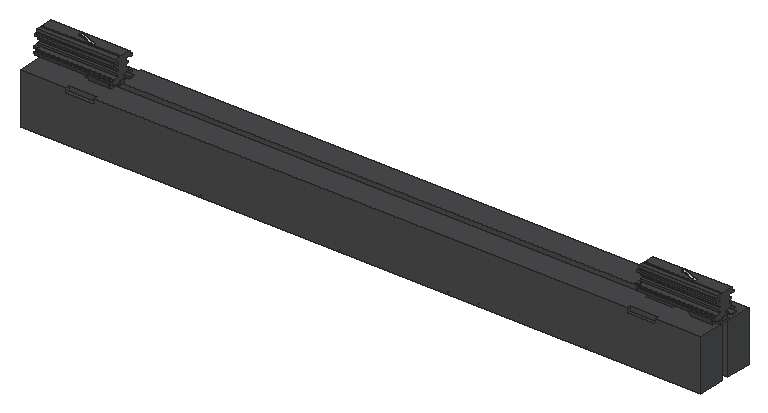
Revit family "DOT DOUBLE HEAD RAIL 964_DTM60U9.7_W9.7_N9.7", category Luminarias, Revit 2019
Family settings
  Cota de conector redondo = Diámetro de uso
  Tipo de pieza = Normal
  Se basa en plano de trabajo = Sí
  Siempre vertical = Sí
  Corte con vacíos al cargar = No
  Origen de luz = Sí
  Compartido = No
  Punto de cálculo de habitación = No
Parameters (values of type "DOT DOUBLE HEAD RAIL 964_DTM60W9.7.36")
  Ángulo de inclinación = 60.00°
  Ángulo de enfoque = 36.00°
  Ángulo de campo de foco = 36.00°
  Zone [instance] = ""
  Watt per fixture = 80
  Wattage = 80 W
  built-in parameter 1150107 = 3000 (stored number, unit not read)
  built-in parameter 1150110 = 1 (stored number, unit not read)
  built-in parameter 1150109 = 1 (stored number, unit not read)
  built-in parameter 1150112 = 1 (stored number, unit not read)
  built-in parameter 1150113 = 1 (stored number, unit not read)
  built-in parameter 1114218 = 1 (stored number, unit not read)
  Keynote = ""
  built-in parameter 1150137 = (empty or 0)
  built-in parameter 1150132 = (empty or 0)
  Modelo = "DTM60W9.7.36"
  Lámpara = "3030SMD PHILIPS"
  Light Source Symbol Length = 3048 mm
  built-in parameter 1150105 = 130686.8 (stored number, unit not read)
  built-in parameter 1150102 = (empty or 0)
  built-in parameter 1150106 = 1306.9 (stored number, unit not read)
  Lumens = 12960 lm
  Color Filter = 16777215
  built-in parameter 1114217 = 1 (stored number, unit not read)
  built-in parameter 1150139 = (empty or 0)
  Fabricante = "BRILLANT"
  Default Elevation = 1219.2 mm
  built-in parameter 1150104 = 15.05 (stored number, unit not read)
  Descripción = "LUMINARIA DE DOBLE CABEZAL TIPO DOWNLIGHT EN FORMATO RECTANGULAR COMPATIBLE CON RIEL DE 6 ENTRADAS Y 3 CIRCUITOS CON CABEZAL PARA PODER DIRIGIR LA LUMINARIA HASTA 90 GRADOS, CUERPO DE ALUMINIO ACABADO EN COLOR NEGRO, IP 20, PESO 4.16Kg, TIPO DE LED 3030SMD PHILIPS CON 80W TOTAL, 6300 LUMENES, 162LM/W, IRC 90, TEMPERATURA EN BLANCO CALIDO 3000K, 50 MIL HORAS DE VIDA PROMEDIO, APERTURA DE 36 GRADOS POR PROYECTO, ALIMENTADO A 90-240V"
  built-in parameter 1150115 = 1 (stored number, unit not read)
  built-in parameter 1150114 = 1 (stored number, unit not read)
  Comentarios de vataje = "90-240V"
  built-in parameter 1150138 = (empty or 0)
  built-in parameter 1150134 = (empty or 0)
  Circuit [instance] = ""
  Dimming Lamp Color Temperature Shift = (empty or 0)
  Longitud de símbolo de origen de luz = 3048 mm
Reference planes
  plane 1 "Centro (Frontal/Posterior)": y = 0
  plane 2: z = 0
  plane 3 "Centro (Izquierda/Derecha)": x = 0
Forms (mm)
  Extrusion 1, solid, material "Default Form", not visible
    sketch origin (-55.628, 0, 7.5) x (0, 1, 0) y (0, 0, 1)
      loop
        line (-7.273, 1.74) -> (7.273, 1.74) -> (7.273, 0) -> (15.231, 0) -> (17.006, 4.494) -> (15.021, 4.494) -> (14.058, 5.868) -> (14.058, 7.166) -> (6.473, 7.166) -> (6.473, 9.324) -> (10.169, 10.163) -> (10.169, 12.464) -> (6.473, 13.302) -> (6.473, 16.66) -> (10.169, 17.499) -> (10.169, 19.8) -> (6.473, 20.638) -> (6.473, 25.016) -> (13.839, 25.016) -> (14.514, 24.341) -> (15.775, 24.341) -> (15.775, 27.171) -> (14.73, 27.171) -> (14.058, 26.499) -> (6.473, 26.499) -> (6.473, 27.299) -> (12.377, 27.299) -> (12.377, 31.471) -> (-2.744, 31.471) -> (-2.744, 30.671) -> (-5.514, 30.671) -> (-5.514, 31.471) -> (-12.377, 31.471) -> (-12.377, 27.299) -> (-6.473, 27.299) -> (-6.473, 26.499) -> (-14.058, 26.499) -> (-14.73, 27.171) -> (-15.775, 27.171) -> (-15.775, 24.341) -> (-14.514, 24.341) -> (-13.839, 25.016) -> (-6.473, 25.016) -> (-6.473, 20.638) -> (-10.169, 19.8) -> (-10.169, 17.499) -> (-6.473, 16.66) -> (-6.473, 13.302) -> (-10.169, 12.464) -> (-10.169, 10.163) -> (-6.473, 9.324) -> (-6.473, 7.166) -> (-14.058, 7.166) -> (-14.058, 5.868) -> (-15.021, 4.494) -> (-17.006, 4.494) -> (-15.231, 0) -> (-7.273, 0) -> (-7.273, 1.74)
    from 0 to 111.256
  Extrusion 2, solid, material "Default Form", not visible
    sketch origin (0, 0, 0) x (1, 0, 0) y (0, 1, 0)
      loop
        line (-19.12, 6.873) -> (-19.12, -6.873) -> (19.12, -6.873) -> (19.12, 6.873) -> (-19.12, 6.873)
    from 0 to 2.67
  Extrusion 3, solid, material "Default Form", not visible
    sketch origin (0, 0, 0) x (1, 0, 0) y (0, 1, 0)
      loop
        line (-10.93, 3.188) -> (-10.93, -3.188) -> (10.93, -3.188) -> (10.93, 3.188) -> (-10.93, 3.188)
    from 2.67 to 7.5
  Extrusion 4, solid, material "Acero Inoxidable", not visible
    sketch origin (0, -1.594, 0) x (1, 0, 0) y (0, 0, -1)
      loop
        line (-15, -38.971) -> (3.794, -45.811) -> (4.341, -44.308) -> (3.589, -44.034) -> (3.316, -44.786) -> (-12.661, -38.971) -> (-15, -38.971)
    from 0 to 3.188
  Extrusion 5, solid, material "Default Form", not visible
    sketch origin (-55.628, 0, 7.5) x (0, 1, 0) y (0, 0, 1)
      loop
        line (-7.273, 1.74) -> (7.273, 1.74) -> (7.273, 0) -> (15.231, 0) -> (17.006, 4.494) -> (15.021, 4.494) -> (14.058, 5.868) -> (14.058, 7.166) -> (6.473, 7.166) -> (6.473, 9.324) -> (10.169, 10.163) -> (10.169, 12.464) -> (6.473, 13.302) -> (6.473, 16.66) -> (10.169, 17.499) -> (10.169, 19.8) -> (6.473, 20.638) -> (6.473, 25.016) -> (13.839, 25.016) -> (14.514, 24.341) -> (15.775, 24.341) -> (15.775, 27.171) -> (14.73, 27.171) -> (14.058, 26.499) -> (6.473, 26.499) -> (6.473, 27.299) -> (12.377, 27.299) -> (12.377, 31.471) -> (-2.744, 31.471) -> (-2.744, 30.671) -> (-5.514, 30.671) -> (-5.514, 31.471) -> (-12.377, 31.471) -> (-12.377, 27.299) -> (-6.473, 27.299) -> (-6.473, 26.499) -> (-14.058, 26.499) -> (-14.73, 27.171) -> (-15.775, 27.171) -> (-15.775, 24.341) -> (-14.514, 24.341) -> (-13.839, 25.016) -> (-6.473, 25.016) -> (-6.473, 20.638) -> (-10.169, 19.8) -> (-10.169, 17.499) -> (-6.473, 16.66) -> (-6.473, 13.302) -> (-10.169, 12.464) -> (-10.169, 10.163) -> (-6.473, 9.324) -> (-6.473, 7.166) -> (-14.058, 7.166) -> (-14.058, 5.868) -> (-15.021, 4.494) -> (-17.006, 4.494) -> (-15.231, 0) -> (-7.273, 0) -> (-7.273, 1.74)
    from 0 to 111.256
  Extrusion 6, solid, material "Default Form", not visible
    sketch origin (0, 0, 0) x (1, 0, 0) y (0, 1, 0)
      loop
        line (-19.12, 6.873) -> (-19.12, -6.873) -> (19.12, -6.873) -> (19.12, 6.873) -> (-19.12, 6.873)
    from 0 to 2.67
  Extrusion 7, solid, material "Default Form", not visible
    sketch origin (0, 0, 0) x (1, 0, 0) y (0, 1, 0)
      loop
        line (-10.93, 3.188) -> (-10.93, -3.188) -> (10.93, -3.188) -> (10.93, 3.188) -> (-10.93, 3.188)
    from 2.67 to 7.5
  Extrusion 8, solid, material "Acero Inoxidable", not visible
    sketch origin (0, -1.594, 0) x (1, 0, 0) y (0, 0, -1)
      loop
        line (-15, -38.971) -> (3.794, -45.811) -> (4.341, -44.308) -> (3.589, -44.034) -> (3.316, -44.786) -> (-12.661, -38.971) -> (-15, -38.971)
    from 0 to 3.188
  Extrusion 9, solid, material "Default Form", not visible
    sketch origin (0, 0, 0) x (1, 0, 0) y (0, 1, 0)
      loop
        line (-55.628, 6.473) -> (-66.331, 6.473) -> (-66.331, 0) -> (-55.628, 0) -> (-55.628, 6.473)
      loop
        line (55.628, 12.377) -> (55.628, -12.149) -> (60.628, -12.149) -> (60.628, 12.377) -> (55.628, 12.377)
    from 13.368 to 15
  Extrusion 10, solid, material "Default Form"
    sketch origin (482, 0, 7.5) x (0, 1, 0) y (0, 0, -1)
      loop
        line (-7.273, -1.74) -> (-7.273, 0) -> (-15.231, 0) -> (-17.006, -4.494) -> (-15.021, -4.494) -> (-14.058, -5.868) -> (-14.058, -7.166) -> (-6.473, -7.166) -> (-6.473, -9.324) -> (-10.169, -10.163) -> (-10.169, -12.464) -> (-6.473, -13.302) -> (-6.473, -16.66) -> (-10.169, -17.499) -> (-10.169, -19.8) -> (-6.473, -20.638) -> (-6.473, -25.016) -> (-13.839, -25.016) -> (-14.514, -24.341) -> (-15.775, -24.341) -> (-15.775, -27.171) -> (-14.73, -27.171) -> (-14.058, -26.499) -> (-6.473, -26.499) -> (-6.473, -27.299) -> (-12.377, -27.299) -> (-12.377, -31.471) -> (-5.514, -31.471) -> (-5.514, -30.671) -> (-2.744, -30.671) -> (-2.744, -31.471) -> (12.377, -31.471) -> (12.377, -27.299) -> (6.473, -27.299) -> (6.473, -26.499) -> (14.058, -26.499) -> (14.73, -27.171) -> (15.775, -27.171) -> (15.775, -24.341) -> (14.514, -24.341) -> (13.839, -25.016) -> (6.473, -25.016) -> (6.473, -20.638) -> (10.169, -19.8) -> (10.169, -17.499) -> (6.473, -16.66) -> (6.473, -13.302) -> (10.169, -12.464) -> (10.169, -10.163) -> (6.473, -9.324) -> (6.473, -7.166) -> (14.058, -7.166) -> (14.058, -5.868) -> (15.021, -4.494) -> (17.006, -4.494) -> (15.231, 0) -> (7.273, 0) -> (7.273, -1.74) -> (-7.273, -1.74)
    from 0 to 111.256
  Extrusion 11, solid, material "Default Form"
    sketch origin (462.88, 0, 0) x (-1, 0, 0) y (0, -1, 0)
      loop
        line (-19.12, -6.873) -> (19.12, -6.873) -> (19.12, 6.873) -> (-19.12, 6.873) -> (-19.12, -6.873)
    from 0 to 2.67
  Extrusion 12, solid, material "Default Form"
    sketch origin (462.88, 0, 0) x (-1, 0, 0) y (0, -1, 0)
      loop
        line (-19.12, -3.188) -> (-12.506, -3.188) -> (-12.506, 3.188) -> (-19.12, 3.188) -> (-19.12, -3.188)
    from 2.67 to 7.5
  Extrusion 13, solid, material "Acero Inoxidable"
    sketch origin (426.372, -1.594, 0) x (-1, 0, 0) y (0, 0, 1)
      loop
        line (-15, 38.971) -> (-12.661, 38.971) -> (3.316, 44.786) -> (3.589, 44.034) -> (4.341, 44.308) -> (3.794, 45.811) -> (-15, 38.971)
    from 0 to 3.188
  Extrusion 14, solid, material "Default Form"
    sketch origin (426.372, 0, 0) x (-1, 0, 0) y (0, -1, 0)
      loop
        line (-55.628, -6.473) -> (-55.628, 0) -> (-66.331, 0) -> (-66.331, -6.473) -> (-55.628, -6.473)
      loop
        line (55.628, -12.377) -> (60.628, -12.377) -> (60.628, 12.149) -> (55.628, 12.149) -> (55.628, -12.377)
    from 13.368 to 15
  Extrusion 15, solid, material "Default Form"
    sketch origin (0, -23.326, 0) x (1, 0, 0) y (0, 0, 1)
      loop
        line (-482, 0) -> (-482, -72) -> (482, -72) -> (482, 0) -> (-482, 0)
    from -18.326 to 18.326
  Blend 16, void
    base sketch origin (0, -23.326, 0) x (1, 0, 0) y (0, 1, 0)
      loop
        line (-162, 16.149) -> (-162, -16.149) -> (-144.14, -16.149) -> (-144.14, 16.149) -> (-162, 16.149)
    top sketch origin (0, -23.326, 0) x (1, 0, 0) y (0, 1, 0)
      loop
        line (-160, 12.149) -> (-160, -12.149) -> (-146.14, -12.149) -> (-146.14, 12.149) -> (-160, 12.149)
    from -72 to -61.591
  Blend 17, void
    base sketch origin (21.86, -23.326, 0) x (1, 0, 0) y (0, 1, 0)
      loop
        line (-162, 16.149) -> (-162, -16.149) -> (-144.14, -16.149) -> (-144.14, 16.149) -> (-162, 16.149)
    top sketch origin (21.86, -23.326, 0) x (1, 0, 0) y (0, 1, 0)
      loop
        line (-160, 12.149) -> (-160, -12.149) -> (-146.14, -12.149) -> (-146.14, 12.149) -> (-160, 12.149)
    from -72 to -61.591
  Blend 18, void
    base sketch origin (43.72, -23.326, 0) x (1, 0, 0) y (0, 1, 0)
      loop
        line (-162, 16.149) -> (-162, -16.149) -> (-144.14, -16.149) -> (-144.14, 16.149) -> (-162, 16.149)
    top sketch origin (43.72, -23.326, 0) x (1, 0, 0) y (0, 1, 0)
      loop
        line (-160, 12.149) -> (-160, -12.149) -> (-146.14, -12.149) -> (-146.14, 12.149) -> (-160, 12.149)
    from -72 to -61.591
  Blend 19, void
    base sketch origin (65.58, -23.326, 0) x (1, 0, 0) y (0, 1, 0)
      loop
        line (-162, 16.149) -> (-162, -16.149) -> (-144.14, -16.149) -> (-144.14, 16.149) -> (-162, 16.149)
    top sketch origin (65.58, -23.326, 0) x (1, 0, 0) y (0, 1, 0)
      loop
        line (-160, 12.149) -> (-160, -12.149) -> (-146.14, -12.149) -> (-146.14, 12.149) -> (-160, 12.149)
    from -72 to -61.591
  Blend 20, void
    base sketch origin (87.44, -23.326, 0) x (1, 0, 0) y (0, 1, 0)
      loop
        line (-162, 16.149) -> (-162, -16.149) -> (-144.14, -16.149) -> (-144.14, 16.149) -> (-162, 16.149)
    top sketch origin (87.44, -23.326, 0) x (1, 0, 0) y (0, 1, 0)
      loop
        line (-160, 12.149) -> (-160, -12.149) -> (-146.14, -12.149) -> (-146.14, 12.149) -> (-160, 12.149)
    from -72 to -61.591
  Blend 21, void
    base sketch origin (109.3, -23.326, 0) x (1, 0, 0) y (0, 1, 0)
      loop
        line (-162, 16.149) -> (-162, -16.149) -> (-144.14, -16.149) -> (-144.14, 16.149) -> (-162, 16.149)
    top sketch origin (109.3, -23.326, 0) x (1, 0, 0) y (0, 1, 0)
      loop
        line (-160, 12.149) -> (-160, -12.149) -> (-146.14, -12.149) -> (-146.14, 12.149) -> (-160, 12.149)
    from -72 to -61.591
  Blend 22, void
    base sketch origin (131.16, -23.326, 0) x (1, 0, 0) y (0, 1, 0)
      loop
        line (-162, 16.149) -> (-162, -16.149) -> (-144.14, -16.149) -> (-144.14, 16.149) -> (-162, 16.149)
    top sketch origin (131.16, -23.326, 0) x (1, 0, 0) y (0, 1, 0)
      loop
        line (-160, 12.149) -> (-160, -12.149) -> (-146.14, -12.149) -> (-146.14, 12.149) -> (-160, 12.149)
    from -72 to -61.591
  Blend 23, void
    base sketch origin (153.02, -23.326, 0) x (1, 0, 0) y (0, 1, 0)
      loop
        line (-162, 16.149) -> (-162, -16.149) -> (-144.14, -16.149) -> (-144.14, 16.149) -> (-162, 16.149)
    top sketch origin (153.02, -23.326, 0) x (1, 0, 0) y (0, 1, 0)
      loop
        line (-160, 12.149) -> (-160, -12.149) -> (-146.14, -12.149) -> (-146.14, 12.149) -> (-160, 12.149)
    from -72 to -61.591
  Blend 24, void
    base sketch origin (174.88, -23.326, 0) x (1, 0, 0) y (0, 1, 0)
      loop
        line (-162, 16.149) -> (-162, -16.149) -> (-144.14, -16.149) -> (-144.14, 16.149) -> (-162, 16.149)
    top sketch origin (174.88, -23.326, 0) x (1, 0, 0) y (0, 1, 0)
      loop
        line (-160, 12.149) -> (-160, -12.149) -> (-146.14, -12.149) -> (-146.14, 12.149) -> (-160, 12.149)
    from -72 to -61.591
  Blend 25, void
    base sketch origin (196.74, -23.326, 0) x (1, 0, 0) y (0, 1, 0)
      loop
        line (-162, 16.149) -> (-162, -16.149) -> (-144.14, -16.149) -> (-144.14, 16.149) -> (-162, 16.149)
    top sketch origin (196.74, -23.326, 0) x (1, 0, 0) y (0, 1, 0)
      loop
        line (-160, 12.149) -> (-160, -12.149) -> (-146.14, -12.149) -> (-146.14, 12.149) -> (-160, 12.149)
    from -72 to -61.591
  Blend 26, void
    base sketch origin (218.6, -23.326, 0) x (1, 0, 0) y (0, 1, 0)
      loop
        line (-162, 16.149) -> (-162, -16.149) -> (-144.14, -16.149) -> (-144.14, 16.149) -> (-162, 16.149)
    top sketch origin (218.6, -23.326, 0) x (1, 0, 0) y (0, 1, 0)
      loop
        line (-160, 12.149) -> (-160, -12.149) -> (-146.14, -12.149) -> (-146.14, 12.149) -> (-160, 12.149)
    from -72 to -61.591
  Blend 27, void
    base sketch origin (240.46, -23.326, 0) x (1, 0, 0) y (0, 1, 0)
      loop
        line (-162, 16.149) -> (-162, -16.149) -> (-144.14, -16.149) -> (-144.14, 16.149) -> (-162, 16.149)
    top sketch origin (240.46, -23.326, 0) x (1, 0, 0) y (0, 1, 0)
      loop
        line (-160, 12.149) -> (-160, -12.149) -> (-146.14, -12.149) -> (-146.14, 12.149) -> (-160, 12.149)
    from -72 to -61.591
  Blend 28, void
    base sketch origin (262.32, -23.326, 0) x (1, 0, 0) y (0, 1, 0)
      loop
        line (-162, 16.149) -> (-162, -16.149) -> (-144.14, -16.149) -> (-144.14, 16.149) -> (-162, 16.149)
    top sketch origin (262.32, -23.326, 0) x (1, 0, 0) y (0, 1, 0)
      loop
        line (-160, 12.149) -> (-160, -12.149) -> (-146.14, -12.149) -> (-146.14, 12.149) -> (-160, 12.149)
    from -72 to -61.591
  Blend 29, void
    base sketch origin (284.18, -23.326, 0) x (1, 0, 0) y (0, 1, 0)
      loop
        line (-162, 16.149) -> (-162, -16.149) -> (-144.14, -16.149) -> (-144.14, 16.149) -> (-162, 16.149)
    top sketch origin (284.18, -23.326, 0) x (1, 0, 0) y (0, 1, 0)
      loop
        line (-160, 12.149) -> (-160, -12.149) -> (-146.14, -12.149) -> (-146.14, 12.149) -> (-160, 12.149)
    from -72 to -61.591
  Blend 30, void
    base sketch origin (306.04, -23.326, 0) x (1, 0, 0) y (0, 1, 0)
      loop
        line (-162, 16.149) -> (-162, -16.149) -> (-144.14, -16.149) -> (-144.14, 16.149) -> (-162, 16.149)
    top sketch origin (306.04, -23.326, 0) x (1, 0, 0) y (0, 1, 0)
      loop
        line (-160, 12.149) -> (-160, -12.149) -> (-146.14, -12.149) -> (-146.14, 12.149) -> (-160, 12.149)
    from -72 to -61.591
  Extrusion 31, void
    sketch origin (0, -23.326, 0) x (1, 0, 0) y (0, 1, 0)
      loop
        line (-417.079, 18.326) -> (-417.079, 14.276) -> (-377.359, 14.276) -> (-377.359, 18.326) -> (-417.079, 18.326)
      loop
        line (-417.079, -18.326) -> (-377.359, -18.326) -> (-377.359, -14.276) -> (-417.079, -14.276) -> (-417.079, -18.326)
      loop
        line (417.079, 18.326) -> (377.359, 18.326) -> (377.359, 14.276) -> (417.079, 14.276) -> (417.079, 18.326)
      loop
        line (417.079, -18.326) -> (417.079, -14.276) -> (377.359, -14.276) -> (377.359, -18.326) -> (417.079, -18.326)
    from -6.015 to 0
  Extrusion 32, solid, material "Default Form"
    sketch origin (583.899, 0, 0) x (0, 1, 0) y (0, 0, -1)
      loop
        line (15.231, -7.5) -> (12.269, 0) -> (-12.269, 0) -> (-15.231, -7.5) -> (-7.273, -7.5) -> (-7.273, -9.24) -> (7.273, -9.24) -> (7.273, -7.5) -> (15.231, -7.5)
    from 108.514 to 140.14
  Blend 33, void
    base sketch origin (-109.3, -23.326, 0) x (1, 0, 0) y (0, 1, 0)
      loop
        line (-162, 16.149) -> (-162, -16.149) -> (-144.14, -16.149) -> (-144.14, 16.149) -> (-162, 16.149)
    top sketch origin (-109.3, -23.326, 0) x (1, 0, 0) y (0, 1, 0)
      loop
        line (-160, 12.149) -> (-160, -12.149) -> (-146.14, -12.149) -> (-146.14, 12.149) -> (-160, 12.149)
    from -72 to -61.591
  Blend 34, void
    base sketch origin (-87.44, -23.326, 0) x (1, 0, 0) y (0, 1, 0)
      loop
        line (-162, 16.149) -> (-162, -16.149) -> (-144.14, -16.149) -> (-144.14, 16.149) -> (-162, 16.149)
    top sketch origin (-87.44, -23.326, 0) x (1, 0, 0) y (0, 1, 0)
      loop
        line (-160, 12.149) -> (-160, -12.149) -> (-146.14, -12.149) -> (-146.14, 12.149) -> (-160, 12.149)
    from -72 to -61.591
  Blend 35, void
    base sketch origin (-65.58, -23.326, 0) x (1, 0, 0) y (0, 1, 0)
      loop
        line (-162, 16.149) -> (-162, -16.149) -> (-144.14, -16.149) -> (-144.14, 16.149) -> (-162, 16.149)
    top sketch origin (-65.58, -23.326, 0) x (1, 0, 0) y (0, 1, 0)
      loop
        line (-160, 12.149) -> (-160, -12.149) -> (-146.14, -12.149) -> (-146.14, 12.149) -> (-160, 12.149)
    from -72 to -61.591
  Blend 36, void
    base sketch origin (-43.72, -23.326, 0) x (1, 0, 0) y (0, 1, 0)
      loop
        line (-162, 16.149) -> (-162, -16.149) -> (-144.14, -16.149) -> (-144.14, 16.149) -> (-162, 16.149)
    top sketch origin (-43.72, -23.326, 0) x (1, 0, 0) y (0, 1, 0)
      loop
        line (-160, 12.149) -> (-160, -12.149) -> (-146.14, -12.149) -> (-146.14, 12.149) -> (-160, 12.149)
    from -72 to -61.591
  Blend 37, void
    base sketch origin (-21.86, -23.326, 0) x (1, 0, 0) y (0, 1, 0)
      loop
        line (-162, 16.149) -> (-162, -16.149) -> (-144.14, -16.149) -> (-144.14, 16.149) -> (-162, 16.149)
    top sketch origin (-21.86, -23.326, 0) x (1, 0, 0) y (0, 1, 0)
      loop
        line (-160, 12.149) -> (-160, -12.149) -> (-146.14, -12.149) -> (-146.14, 12.149) -> (-160, 12.149)
    from -72 to -61.591
  Blend 38, void
    base sketch origin (327.9, -23.326, 0) x (1, 0, 0) y (0, 1, 0)
      loop
        line (-162, 16.149) -> (-162, -16.149) -> (-144.14, -16.149) -> (-144.14, 16.149) -> (-162, 16.149)
    top sketch origin (327.9, -23.326, 0) x (1, 0, 0) y (0, 1, 0)
      loop
        line (-160, 12.149) -> (-160, -12.149) -> (-146.14, -12.149) -> (-146.14, 12.149) -> (-160, 12.149)
    from -72 to -61.591
  Blend 39, void
    base sketch origin (349.76, -23.326, 0) x (1, 0, 0) y (0, 1, 0)
      loop
        line (-162, 16.149) -> (-162, -16.149) -> (-144.14, -16.149) -> (-144.14, 16.149) -> (-162, 16.149)
    top sketch origin (349.76, -23.326, 0) x (1, 0, 0) y (0, 1, 0)
      loop
        line (-160, 12.149) -> (-160, -12.149) -> (-146.14, -12.149) -> (-146.14, 12.149) -> (-160, 12.149)
    from -72 to -61.591
  Blend 40, void
    base sketch origin (371.62, -23.326, 0) x (1, 0, 0) y (0, 1, 0)
      loop
        line (-162, 16.149) -> (-162, -16.149) -> (-144.14, -16.149) -> (-144.14, 16.149) -> (-162, 16.149)
    top sketch origin (371.62, -23.326, 0) x (1, 0, 0) y (0, 1, 0)
      loop
        line (-160, 12.149) -> (-160, -12.149) -> (-146.14, -12.149) -> (-146.14, 12.149) -> (-160, 12.149)
    from -72 to -61.591
  Blend 41, void
    base sketch origin (393.48, -23.326, 0) x (1, 0, 0) y (0, 1, 0)
      loop
        line (-162, 16.149) -> (-162, -16.149) -> (-144.14, -16.149) -> (-144.14, 16.149) -> (-162, 16.149)
    top sketch origin (393.48, -23.326, 0) x (1, 0, 0) y (0, 1, 0)
      loop
        line (-160, 12.149) -> (-160, -12.149) -> (-146.14, -12.149) -> (-146.14, 12.149) -> (-160, 12.149)
    from -72 to -61.591
  Blend 42, void
    base sketch origin (415.34, -23.326, 0) x (1, 0, 0) y (0, 1, 0)
      loop
        line (-162, 16.149) -> (-162, -16.149) -> (-144.14, -16.149) -> (-144.14, 16.149) -> (-162, 16.149)
    top sketch origin (415.34, -23.326, 0) x (1, 0, 0) y (0, 1, 0)
      loop
        line (-160, 12.149) -> (-160, -12.149) -> (-146.14, -12.149) -> (-146.14, 12.149) -> (-160, 12.149)
    from -72 to -61.591
  Extrusion 43, solid, material "Default Form"
    sketch origin (-370.744, 0, 7.5) x (0, 1, 0) y (0, 0, -1)
      loop
        line (-7.273, -1.74) -> (-7.273, 0) -> (-15.231, 0) -> (-17.006, -4.494) -> (-15.021, -4.494) -> (-14.058, -5.868) -> (-14.058, -7.166) -> (-6.473, -7.166) -> (-6.473, -9.324) -> (-10.169, -10.163) -> (-10.169, -12.464) -> (-6.473, -13.302) -> (-6.473, -16.66) -> (-10.169, -17.499) -> (-10.169, -19.8) -> (-6.473, -20.638) -> (-6.473, -25.016) -> (-13.839, -25.016) -> (-14.514, -24.341) -> (-15.775, -24.341) -> (-15.775, -27.171) -> (-14.73, -27.171) -> (-14.058, -26.499) -> (-6.473, -26.499) -> (-6.473, -27.299) -> (-12.377, -27.299) -> (-12.377, -31.471) -> (-5.514, -31.471) -> (-5.514, -30.671) -> (-2.744, -30.671) -> (-2.744, -31.471) -> (12.377, -31.471) -> (12.377, -27.299) -> (6.473, -27.299) -> (6.473, -26.499) -> (14.058, -26.499) -> (14.73, -27.171) -> (15.775, -27.171) -> (15.775, -24.341) -> (14.514, -24.341) -> (13.839, -25.016) -> (6.473, -25.016) -> (6.473, -20.638) -> (10.169, -19.8) -> (10.169, -17.499) -> (6.473, -16.66) -> (6.473, -13.302) -> (10.169, -12.464) -> (10.169, -10.163) -> (6.473, -9.324) -> (6.473, -7.166) -> (14.058, -7.166) -> (14.058, -5.868) -> (15.021, -4.494) -> (17.006, -4.494) -> (15.231, 0) -> (7.273, 0) -> (7.273, -1.74) -> (-7.273, -1.74)
    from 0 to 111.256
  Extrusion 44, solid, material "Default Form"
    sketch origin (-230.865, 0, 0) x (-1, 0, 0) y (0, -1, 0)
      loop
        line (146.494, -6.873) -> (178.12, -6.873) -> (178.12, 6.873) -> (146.494, 6.873) -> (146.494, -6.873)
    from 0 to 2.67
  Extrusion 45, solid, material "Default Form"
    sketch origin (-389.865, 0, 0) x (-1, 0, 0) y (0, -1, 0)
      loop
        line (-19.12, -3.188) -> (-12.506, -3.188) -> (-12.506, 3.188) -> (-19.12, 3.188) -> (-19.12, -3.188)
    from 2.67 to 7.5
  Extrusion 46, solid, material "Acero Inoxidable"
    sketch origin (-426.372, -1.594, 0) x (-1, 0, 0) y (0, 0, 1)
      loop
        line (-15, 38.971) -> (-12.661, 38.971) -> (3.316, 44.786) -> (3.589, 44.034) -> (4.341, 44.308) -> (3.794, 45.811) -> (-15, 38.971)
    from 0 to 3.188
  Extrusion 47, solid, material "Default Form"
    sketch origin (-426.372, 0, 0) x (-1, 0, 0) y (0, -1, 0)
      loop
        line (-55.628, -6.473) -> (-55.628, 0) -> (-66.331, 0) -> (-66.331, -6.473) -> (-55.628, -6.473)
      loop
        line (55.628, -12.377) -> (60.628, -12.377) -> (60.628, 12.149) -> (55.628, 12.149) -> (55.628, -12.377)
    from 13.368 to 15
  Extrusion 48, solid, material "Default Form"
    sketch origin (-268.845, 0, 0) x (0, 1, 0) y (0, 0, -1)
      loop
        line (15.231, -7.5) -> (12.269, 0) -> (-12.269, 0) -> (-15.231, -7.5) -> (-7.273, -7.5) -> (-7.273, -9.24) -> (7.273, -9.24) -> (7.273, -7.5) -> (15.231, -7.5)
    from 108.514 to 140.14
  Blend 49, void
    base sketch origin (-131.16, -23.326, 0) x (1, 0, 0) y (0, 1, 0)
      loop
        line (-162, 16.149) -> (-162, -16.149) -> (-144.14, -16.149) -> (-144.14, 16.149) -> (-162, 16.149)
    top sketch origin (-131.16, -23.326, 0) x (1, 0, 0) y (0, 1, 0)
      loop
        line (-160, 12.149) -> (-160, -12.149) -> (-146.14, -12.149) -> (-146.14, 12.149) -> (-160, 12.149)
    from -72 to -61.591
  Blend 50, void
    base sketch origin (-240.46, -23.326, 0) x (1, 0, 0) y (0, 1, 0)
      loop
        line (-162, 16.149) -> (-162, -16.149) -> (-144.14, -16.149) -> (-144.14, 16.149) -> (-162, 16.149)
    top sketch origin (-240.46, -23.326, 0) x (1, 0, 0) y (0, 1, 0)
      loop
        line (-160, 12.149) -> (-160, -12.149) -> (-146.14, -12.149) -> (-146.14, 12.149) -> (-160, 12.149)
    from -72 to -61.591
  Blend 51, void
    base sketch origin (-218.6, -23.326, 0) x (1, 0, 0) y (0, 1, 0)
      loop
        line (-162, 16.149) -> (-162, -16.149) -> (-144.14, -16.149) -> (-144.14, 16.149) -> (-162, 16.149)
    top sketch origin (-218.6, -23.326, 0) x (1, 0, 0) y (0, 1, 0)
      loop
        line (-160, 12.149) -> (-160, -12.149) -> (-146.14, -12.149) -> (-146.14, 12.149) -> (-160, 12.149)
    from -72 to -61.591
  Blend 52, void
    base sketch origin (-196.74, -23.326, 0) x (1, 0, 0) y (0, 1, 0)
      loop
        line (-162, 16.149) -> (-162, -16.149) -> (-144.14, -16.149) -> (-144.14, 16.149) -> (-162, 16.149)
    top sketch origin (-196.74, -23.326, 0) x (1, 0, 0) y (0, 1, 0)
      loop
        line (-160, 12.149) -> (-160, -12.149) -> (-146.14, -12.149) -> (-146.14, 12.149) -> (-160, 12.149)
    from -72 to -61.591
  Blend 53, void
    base sketch origin (-174.88, -23.326, 0) x (1, 0, 0) y (0, 1, 0)
      loop
        line (-162, 16.149) -> (-162, -16.149) -> (-144.14, -16.149) -> (-144.14, 16.149) -> (-162, 16.149)
    top sketch origin (-174.88, -23.326, 0) x (1, 0, 0) y (0, 1, 0)
      loop
        line (-160, 12.149) -> (-160, -12.149) -> (-146.14, -12.149) -> (-146.14, 12.149) -> (-160, 12.149)
    from -72 to -61.591
  Blend 54, void
    base sketch origin (-153.02, -23.326, 0) x (1, 0, 0) y (0, 1, 0)
      loop
        line (-162, 16.149) -> (-162, -16.149) -> (-144.14, -16.149) -> (-144.14, 16.149) -> (-162, 16.149)
    top sketch origin (-153.02, -23.326, 0) x (1, 0, 0) y (0, 1, 0)
      loop
        line (-160, 12.149) -> (-160, -12.149) -> (-146.14, -12.149) -> (-146.14, 12.149) -> (-160, 12.149)
    from -72 to -61.591
  Blend 55, void
    base sketch origin (437.2, -23.326, 0) x (1, 0, 0) y (0, 1, 0)
      loop
        line (-162, 16.149) -> (-162, -16.149) -> (-144.14, -16.149) -> (-144.14, 16.149) -> (-162, 16.149)
    top sketch origin (437.2, -23.326, 0) x (1, 0, 0) y (0, 1, 0)
      loop
        line (-160, 12.149) -> (-160, -12.149) -> (-146.14, -12.149) -> (-146.14, 12.149) -> (-160, 12.149)
    from -72 to -61.591
  Blend 56, void
    base sketch origin (459.06, -23.326, 0) x (1, 0, 0) y (0, 1, 0)
      loop
        line (-162, 16.149) -> (-162, -16.149) -> (-144.14, -16.149) -> (-144.14, 16.149) -> (-162, 16.149)
    top sketch origin (459.06, -23.326, 0) x (1, 0, 0) y (0, 1, 0)
      loop
        line (-160, 12.149) -> (-160, -12.149) -> (-146.14, -12.149) -> (-146.14, 12.149) -> (-160, 12.149)
    from -72 to -61.591
  Blend 57, void
    base sketch origin (480.92, -23.326, 0) x (1, 0, 0) y (0, 1, 0)
      loop
        line (-162, 16.149) -> (-162, -16.149) -> (-144.14, -16.149) -> (-144.14, 16.149) -> (-162, 16.149)
    top sketch origin (480.92, -23.326, 0) x (1, 0, 0) y (0, 1, 0)
      loop
        line (-160, 12.149) -> (-160, -12.149) -> (-146.14, -12.149) -> (-146.14, 12.149) -> (-160, 12.149)
    from -72 to -61.591
  Blend 58, void
    base sketch origin (502.78, -23.326, 0) x (1, 0, 0) y (0, 1, 0)
      loop
        line (-162, 16.149) -> (-162, -16.149) -> (-144.14, -16.149) -> (-144.14, 16.149) -> (-162, 16.149)
    top sketch origin (502.78, -23.326, 0) x (1, 0, 0) y (0, 1, 0)
      loop
        line (-160, 12.149) -> (-160, -12.149) -> (-146.14, -12.149) -> (-146.14, 12.149) -> (-160, 12.149)
    from -72 to -61.591
  Blend 59, void
    base sketch origin (524.64, -23.326, 0) x (1, 0, 0) y (0, 1, 0)
      loop
        line (-162, 16.149) -> (-162, -16.149) -> (-144.14, -16.149) -> (-144.14, 16.149) -> (-162, 16.149)
    top sketch origin (524.64, -23.326, 0) x (1, 0, 0) y (0, 1, 0)
      loop
        line (-160, 12.149) -> (-160, -12.149) -> (-146.14, -12.149) -> (-146.14, 12.149) -> (-160, 12.149)
    from -72 to -61.591
  Blend 60, void
    base sketch origin (546.5, -23.326, 0) x (1, 0, 0) y (0, 1, 0)
      loop
        line (-162, 16.149) -> (-162, -16.149) -> (-144.14, -16.149) -> (-144.14, 16.149) -> (-162, 16.149)
    top sketch origin (546.5, -23.326, 0) x (1, 0, 0) y (0, 1, 0)
      loop
        line (-160, 12.149) -> (-160, -12.149) -> (-146.14, -12.149) -> (-146.14, 12.149) -> (-160, 12.149)
    from -72 to -61.591
  Extrusion 61, solid, material "Default Form"
    sketch origin (0, 23.326, 0) x (1, 0, 0) y (0, 0, -1)
      loop
        line (-482, 0) -> (482, 0) -> (482, 72) -> (-482, 72) -> (-482, 0)
    from -18.326 to 18.326
  Blend 62, void
    base sketch origin (0, 23.326, 0) x (1, 0, 0) y (0, 1, 0)
      loop
        line (-162, -16.149) -> (-144.14, -16.149) -> (-144.14, 16.149) -> (-162, 16.149) -> (-162, -16.149)
    top sketch origin (0, 23.326, 0) x (1, 0, 0) y (0, 1, 0)
      loop
        line (-160, -12.149) -> (-146.14, -12.149) -> (-146.14, 12.149) -> (-160, 12.149) -> (-160, -12.149)
    from -72 to -61.591
  Blend 63, void
    base sketch origin (21.86, 23.326, 0) x (1, 0, 0) y (0, 1, 0)
      loop
        line (-162, -16.149) -> (-144.14, -16.149) -> (-144.14, 16.149) -> (-162, 16.149) -> (-162, -16.149)
    top sketch origin (21.86, 23.326, 0) x (1, 0, 0) y (0, 1, 0)
      loop
        line (-160, -12.149) -> (-146.14, -12.149) -> (-146.14, 12.149) -> (-160, 12.149) -> (-160, -12.149)
    from -72 to -61.591
  Blend 64, void
    base sketch origin (43.72, 23.326, 0) x (1, 0, 0) y (0, 1, 0)
      loop
        line (-162, -16.149) -> (-144.14, -16.149) -> (-144.14, 16.149) -> (-162, 16.149) -> (-162, -16.149)
    top sketch origin (43.72, 23.326, 0) x (1, 0, 0) y (0, 1, 0)
      loop
        line (-160, -12.149) -> (-146.14, -12.149) -> (-146.14, 12.149) -> (-160, 12.149) -> (-160, -12.149)
    from -72 to -61.591
  Blend 65, void
    base sketch origin (65.58, 23.326, 0) x (1, 0, 0) y (0, 1, 0)
      loop
        line (-162, -16.149) -> (-144.14, -16.149) -> (-144.14, 16.149) -> (-162, 16.149) -> (-162, -16.149)
    top sketch origin (65.58, 23.326, 0) x (1, 0, 0) y (0, 1, 0)
      loop
        line (-160, -12.149) -> (-146.14, -12.149) -> (-146.14, 12.149) -> (-160, 12.149) -> (-160, -12.149)
    from -72 to -61.591
  Blend 66, void
    base sketch origin (87.44, 23.326, 0) x (1, 0, 0) y (0, 1, 0)
      loop
        line (-162, -16.149) -> (-144.14, -16.149) -> (-144.14, 16.149) -> (-162, 16.149) -> (-162, -16.149)
    top sketch origin (87.44, 23.326, 0) x (1, 0, 0) y (0, 1, 0)
      loop
        line (-160, -12.149) -> (-146.14, -12.149) -> (-146.14, 12.149) -> (-160, 12.149) -> (-160, -12.149)
    from -72 to -61.591
  Blend 67, void
    base sketch origin (109.3, 23.326, 0) x (1, 0, 0) y (0, 1, 0)
      loop
        line (-162, -16.149) -> (-144.14, -16.149) -> (-144.14, 16.149) -> (-162, 16.149) -> (-162, -16.149)
    top sketch origin (109.3, 23.326, 0) x (1, 0, 0) y (0, 1, 0)
      loop
        line (-160, -12.149) -> (-146.14, -12.149) -> (-146.14, 12.149) -> (-160, 12.149) -> (-160, -12.149)
    from -72 to -61.591
  Blend 68, void
    base sketch origin (131.16, 23.326, 0) x (1, 0, 0) y (0, 1, 0)
      loop
        line (-162, -16.149) -> (-144.14, -16.149) -> (-144.14, 16.149) -> (-162, 16.149) -> (-162, -16.149)
    top sketch origin (131.16, 23.326, 0) x (1, 0, 0) y (0, 1, 0)
      loop
        line (-160, -12.149) -> (-146.14, -12.149) -> (-146.14, 12.149) -> (-160, 12.149) -> (-160, -12.149)
    from -72 to -61.591
  Blend 69, void
    base sketch origin (153.02, 23.326, 0) x (1, 0, 0) y (0, 1, 0)
      loop
        line (-162, -16.149) -> (-144.14, -16.149) -> (-144.14, 16.149) -> (-162, 16.149) -> (-162, -16.149)
    top sketch origin (153.02, 23.326, 0) x (1, 0, 0) y (0, 1, 0)
      loop
        line (-160, -12.149) -> (-146.14, -12.149) -> (-146.14, 12.149) -> (-160, 12.149) -> (-160, -12.149)
    from -72 to -61.591
  Blend 70, void
    base sketch origin (174.88, 23.326, 0) x (1, 0, 0) y (0, 1, 0)
      loop
        line (-162, -16.149) -> (-144.14, -16.149) -> (-144.14, 16.149) -> (-162, 16.149) -> (-162, -16.149)
    top sketch origin (174.88, 23.326, 0) x (1, 0, 0) y (0, 1, 0)
      loop
        line (-160, -12.149) -> (-146.14, -12.149) -> (-146.14, 12.149) -> (-160, 12.149) -> (-160, -12.149)
    from -72 to -61.591
  Blend 71, void
    base sketch origin (196.74, 23.326, 0) x (1, 0, 0) y (0, 1, 0)
      loop
        line (-162, -16.149) -> (-144.14, -16.149) -> (-144.14, 16.149) -> (-162, 16.149) -> (-162, -16.149)
    top sketch origin (196.74, 23.326, 0) x (1, 0, 0) y (0, 1, 0)
      loop
        line (-160, -12.149) -> (-146.14, -12.149) -> (-146.14, 12.149) -> (-160, 12.149) -> (-160, -12.149)
    from -72 to -61.591
  Blend 72, void
    base sketch origin (218.6, 23.326, 0) x (1, 0, 0) y (0, 1, 0)
      loop
        line (-162, -16.149) -> (-144.14, -16.149) -> (-144.14, 16.149) -> (-162, 16.149) -> (-162, -16.149)
    top sketch origin (218.6, 23.326, 0) x (1, 0, 0) y (0, 1, 0)
      loop
        line (-160, -12.149) -> (-146.14, -12.149) -> (-146.14, 12.149) -> (-160, 12.149) -> (-160, -12.149)
    from -72 to -61.591
  Blend 73, void
    base sketch origin (240.46, 23.326, 0) x (1, 0, 0) y (0, 1, 0)
      loop
        line (-162, -16.149) -> (-144.14, -16.149) -> (-144.14, 16.149) -> (-162, 16.149) -> (-162, -16.149)
    top sketch origin (240.46, 23.326, 0) x (1, 0, 0) y (0, 1, 0)
      loop
        line (-160, -12.149) -> (-146.14, -12.149) -> (-146.14, 12.149) -> (-160, 12.149) -> (-160, -12.149)
    from -72 to -61.591
  Blend 74, void
    base sketch origin (262.32, 23.326, 0) x (1, 0, 0) y (0, 1, 0)
      loop
        line (-162, -16.149) -> (-144.14, -16.149) -> (-144.14, 16.149) -> (-162, 16.149) -> (-162, -16.149)
    top sketch origin (262.32, 23.326, 0) x (1, 0, 0) y (0, 1, 0)
      loop
        line (-160, -12.149) -> (-146.14, -12.149) -> (-146.14, 12.149) -> (-160, 12.149) -> (-160, -12.149)
    from -72 to -61.591
  Blend 75, void
    base sketch origin (284.18, 23.326, 0) x (1, 0, 0) y (0, 1, 0)
      loop
        line (-162, -16.149) -> (-144.14, -16.149) -> (-144.14, 16.149) -> (-162, 16.149) -> (-162, -16.149)
    top sketch origin (284.18, 23.326, 0) x (1, 0, 0) y (0, 1, 0)
      loop
        line (-160, -12.149) -> (-146.14, -12.149) -> (-146.14, 12.149) -> (-160, 12.149) -> (-160, -12.149)
    from -72 to -61.591
  Blend 76, void
    base sketch origin (306.04, 23.326, 0) x (1, 0, 0) y (0, 1, 0)
      loop
        line (-162, -16.149) -> (-144.14, -16.149) -> (-144.14, 16.149) -> (-162, 16.149) -> (-162, -16.149)
    top sketch origin (306.04, 23.326, 0) x (1, 0, 0) y (0, 1, 0)
      loop
        line (-160, -12.149) -> (-146.14, -12.149) -> (-146.14, 12.149) -> (-160, 12.149) -> (-160, -12.149)
    from -72 to -61.591
  Extrusion 77, void
    sketch origin (0, 23.326, 0) x (1, 0, 0) y (0, 1, 0)
      loop
        line (-417.079, -18.326) -> (-377.359, -18.326) -> (-377.359, -14.276) -> (-417.079, -14.276) -> (-417.079, -18.326)
      loop
        line (-417.079, 18.326) -> (-417.079, 14.276) -> (-377.359, 14.276) -> (-377.359, 18.326) -> (-417.079, 18.326)
      loop
        line (417.079, -18.326) -> (417.079, -14.276) -> (377.359, -14.276) -> (377.359, -18.326) -> (417.079, -18.326)
      loop
        line (417.079, 18.326) -> (377.359, 18.326) -> (377.359, 14.276) -> (417.079, 14.276) -> (417.079, 18.326)
    from -6.015 to 0
  Blend 78, void
    base sketch origin (-109.3, 23.326, 0) x (1, 0, 0) y (0, 1, 0)
      loop
        line (-162, -16.149) -> (-144.14, -16.149) -> (-144.14, 16.149) -> (-162, 16.149) -> (-162, -16.149)
    top sketch origin (-109.3, 23.326, 0) x (1, 0, 0) y (0, 1, 0)
      loop
        line (-160, -12.149) -> (-146.14, -12.149) -> (-146.14, 12.149) -> (-160, 12.149) -> (-160, -12.149)
    from -72 to -61.591
  Blend 79, void
    base sketch origin (-87.44, 23.326, 0) x (1, 0, 0) y (0, 1, 0)
      loop
        line (-162, -16.149) -> (-144.14, -16.149) -> (-144.14, 16.149) -> (-162, 16.149) -> (-162, -16.149)
    top sketch origin (-87.44, 23.326, 0) x (1, 0, 0) y (0, 1, 0)
      loop
        line (-160, -12.149) -> (-146.14, -12.149) -> (-146.14, 12.149) -> (-160, 12.149) -> (-160, -12.149)
    from -72 to -61.591
  Blend 80, void
    base sketch origin (-65.58, 23.326, 0) x (1, 0, 0) y (0, 1, 0)
      loop
        line (-162, -16.149) -> (-144.14, -16.149) -> (-144.14, 16.149) -> (-162, 16.149) -> (-162, -16.149)
    top sketch origin (-65.58, 23.326, 0) x (1, 0, 0) y (0, 1, 0)
      loop
        line (-160, -12.149) -> (-146.14, -12.149) -> (-146.14, 12.149) -> (-160, 12.149) -> (-160, -12.149)
    from -72 to -61.591
  Blend 81, void
    base sketch origin (-43.72, 23.326, 0) x (1, 0, 0) y (0, 1, 0)
      loop
        line (-162, -16.149) -> (-144.14, -16.149) -> (-144.14, 16.149) -> (-162, 16.149) -> (-162, -16.149)
    top sketch origin (-43.72, 23.326, 0) x (1, 0, 0) y (0, 1, 0)
      loop
        line (-160, -12.149) -> (-146.14, -12.149) -> (-146.14, 12.149) -> (-160, 12.149) -> (-160, -12.149)
    from -72 to -61.591
  Blend 82, void
    base sketch origin (-21.86, 23.326, 0) x (1, 0, 0) y (0, 1, 0)
      loop
        line (-162, -16.149) -> (-144.14, -16.149) -> (-144.14, 16.149) -> (-162, 16.149) -> (-162, -16.149)
    top sketch origin (-21.86, 23.326, 0) x (1, 0, 0) y (0, 1, 0)
      loop
        line (-160, -12.149) -> (-146.14, -12.149) -> (-146.14, 12.149) -> (-160, 12.149) -> (-160, -12.149)
    from -72 to -61.591
  Blend 83, void
    base sketch origin (327.9, 23.326, 0) x (1, 0, 0) y (0, 1, 0)
      loop
        line (-162, -16.149) -> (-144.14, -16.149) -> (-144.14, 16.149) -> (-162, 16.149) -> (-162, -16.149)
    top sketch origin (327.9, 23.326, 0) x (1, 0, 0) y (0, 1, 0)
      loop
        line (-160, -12.149) -> (-146.14, -12.149) -> (-146.14, 12.149) -> (-160, 12.149) -> (-160, -12.149)
    from -72 to -61.591
  Blend 84, void
    base sketch origin (349.76, 23.326, 0) x (1, 0, 0) y (0, 1, 0)
      loop
        line (-162, -16.149) -> (-144.14, -16.149) -> (-144.14, 16.149) -> (-162, 16.149) -> (-162, -16.149)
    top sketch origin (349.76, 23.326, 0) x (1, 0, 0) y (0, 1, 0)
      loop
        line (-160, -12.149) -> (-146.14, -12.149) -> (-146.14, 12.149) -> (-160, 12.149) -> (-160, -12.149)
    from -72 to -61.591
  Blend 85, void
    base sketch origin (371.62, 23.326, 0) x (1, 0, 0) y (0, 1, 0)
      loop
        line (-162, -16.149) -> (-144.14, -16.149) -> (-144.14, 16.149) -> (-162, 16.149) -> (-162, -16.149)
    top sketch origin (371.62, 23.326, 0) x (1, 0, 0) y (0, 1, 0)
      loop
        line (-160, -12.149) -> (-146.14, -12.149) -> (-146.14, 12.149) -> (-160, 12.149) -> (-160, -12.149)
    from -72 to -61.591
  Blend 86, void
    base sketch origin (393.48, 23.326, 0) x (1, 0, 0) y (0, 1, 0)
      loop
        line (-162, -16.149) -> (-144.14, -16.149) -> (-144.14, 16.149) -> (-162, 16.149) -> (-162, -16.149)
    top sketch origin (393.48, 23.326, 0) x (1, 0, 0) y (0, 1, 0)
      loop
        line (-160, -12.149) -> (-146.14, -12.149) -> (-146.14, 12.149) -> (-160, 12.149) -> (-160, -12.149)
    from -72 to -61.591
  Blend 87, void
    base sketch origin (415.34, 23.326, 0) x (1, 0, 0) y (0, 1, 0)
      loop
        line (-162, -16.149) -> (-144.14, -16.149) -> (-144.14, 16.149) -> (-162, 16.149) -> (-162, -16.149)
    top sketch origin (415.34, 23.326, 0) x (1, 0, 0) y (0, 1, 0)
      loop
        line (-160, -12.149) -> (-146.14, -12.149) -> (-146.14, 12.149) -> (-160, 12.149) -> (-160, -12.149)
    from -72 to -61.591
  Blend 88, void
    base sketch origin (-131.16, 23.326, 0) x (1, 0, 0) y (0, 1, 0)
      loop
        line (-162, -16.149) -> (-144.14, -16.149) -> (-144.14, 16.149) -> (-162, 16.149) -> (-162, -16.149)
    top sketch origin (-131.16, 23.326, 0) x (1, 0, 0) y (0, 1, 0)
      loop
        line (-160, -12.149) -> (-146.14, -12.149) -> (-146.14, 12.149) -> (-160, 12.149) -> (-160, -12.149)
    from -72 to -61.591
  Blend 89, void
    base sketch origin (-240.46, 23.326, 0) x (1, 0, 0) y (0, 1, 0)
      loop
        line (-162, -16.149) -> (-144.14, -16.149) -> (-144.14, 16.149) -> (-162, 16.149) -> (-162, -16.149)
    top sketch origin (-240.46, 23.326, 0) x (1, 0, 0) y (0, 1, 0)
      loop
        line (-160, -12.149) -> (-146.14, -12.149) -> (-146.14, 12.149) -> (-160, 12.149) -> (-160, -12.149)
    from -72 to -61.591
  Blend 90, void
    base sketch origin (-218.6, 23.326, 0) x (1, 0, 0) y (0, 1, 0)
      loop
        line (-162, -16.149) -> (-144.14, -16.149) -> (-144.14, 16.149) -> (-162, 16.149) -> (-162, -16.149)
    top sketch origin (-218.6, 23.326, 0) x (1, 0, 0) y (0, 1, 0)
      loop
        line (-160, -12.149) -> (-146.14, -12.149) -> (-146.14, 12.149) -> (-160, 12.149) -> (-160, -12.149)
    from -72 to -61.591
  Blend 91, void
    base sketch origin (-196.74, 23.326, 0) x (1, 0, 0) y (0, 1, 0)
      loop
        line (-162, -16.149) -> (-144.14, -16.149) -> (-144.14, 16.149) -> (-162, 16.149) -> (-162, -16.149)
    top sketch origin (-196.74, 23.326, 0) x (1, 0, 0) y (0, 1, 0)
      loop
        line (-160, -12.149) -> (-146.14, -12.149) -> (-146.14, 12.149) -> (-160, 12.149) -> (-160, -12.149)
    from -72 to -61.591
  Blend 92, void
    base sketch origin (-174.88, 23.326, 0) x (1, 0, 0) y (0, 1, 0)
      loop
        line (-162, -16.149) -> (-144.14, -16.149) -> (-144.14, 16.149) -> (-162, 16.149) -> (-162, -16.149)
    top sketch origin (-174.88, 23.326, 0) x (1, 0, 0) y (0, 1, 0)
      loop
        line (-160, -12.149) -> (-146.14, -12.149) -> (-146.14, 12.149) -> (-160, 12.149) -> (-160, -12.149)
    from -72 to -61.591
  Blend 93, void
    base sketch origin (-153.02, 23.326, 0) x (1, 0, 0) y (0, 1, 0)
      loop
        line (-162, -16.149) -> (-144.14, -16.149) -> (-144.14, 16.149) -> (-162, 16.149) -> (-162, -16.149)
    top sketch origin (-153.02, 23.326, 0) x (1, 0, 0) y (0, 1, 0)
      loop
        line (-160, -12.149) -> (-146.14, -12.149) -> (-146.14, 12.149) -> (-160, 12.149) -> (-160, -12.149)
    from -72 to -61.591
  Blend 94, void
    base sketch origin (437.2, 23.326, 0) x (1, 0, 0) y (0, 1, 0)
      loop
        line (-162, -16.149) -> (-144.14, -16.149) -> (-144.14, 16.149) -> (-162, 16.149) -> (-162, -16.149)
    top sketch origin (437.2, 23.326, 0) x (1, 0, 0) y (0, 1, 0)
      loop
        line (-160, -12.149) -> (-146.14, -12.149) -> (-146.14, 12.149) -> (-160, 12.149) -> (-160, -12.149)
    from -72 to -61.591
  Blend 95, void
    base sketch origin (459.06, 23.326, 0) x (1, 0, 0) y (0, 1, 0)
      loop
        line (-162, -16.149) -> (-144.14, -16.149) -> (-144.14, 16.149) -> (-162, 16.149) -> (-162, -16.149)
    top sketch origin (459.06, 23.326, 0) x (1, 0, 0) y (0, 1, 0)
      loop
        line (-160, -12.149) -> (-146.14, -12.149) -> (-146.14, 12.149) -> (-160, 12.149) -> (-160, -12.149)
    from -72 to -61.591
  Blend 96, void
    base sketch origin (480.92, 23.326, 0) x (1, 0, 0) y (0, 1, 0)
      loop
        line (-162, -16.149) -> (-144.14, -16.149) -> (-144.14, 16.149) -> (-162, 16.149) -> (-162, -16.149)
    top sketch origin (480.92, 23.326, 0) x (1, 0, 0) y (0, 1, 0)
      loop
        line (-160, -12.149) -> (-146.14, -12.149) -> (-146.14, 12.149) -> (-160, 12.149) -> (-160, -12.149)
    from -72 to -61.591
  Blend 97, void
    base sketch origin (502.78, 23.326, 0) x (1, 0, 0) y (0, 1, 0)
      loop
        line (-162, -16.149) -> (-144.14, -16.149) -> (-144.14, 16.149) -> (-162, 16.149) -> (-162, -16.149)
    top sketch origin (502.78, 23.326, 0) x (1, 0, 0) y (0, 1, 0)
      loop
        line (-160, -12.149) -> (-146.14, -12.149) -> (-146.14, 12.149) -> (-160, 12.149) -> (-160, -12.149)
    from -72 to -61.591
  Blend 98, void
    base sketch origin (524.64, 23.326, 0) x (1, 0, 0) y (0, 1, 0)
      loop
        line (-162, -16.149) -> (-144.14, -16.149) -> (-144.14, 16.149) -> (-162, 16.149) -> (-162, -16.149)
    top sketch origin (524.64, 23.326, 0) x (1, 0, 0) y (0, 1, 0)
      loop
        line (-160, -12.149) -> (-146.14, -12.149) -> (-146.14, 12.149) -> (-160, 12.149) -> (-160, -12.149)
    from -72 to -61.591
  Blend 99, void
    base sketch origin (546.5, 23.326, 0) x (1, 0, 0) y (0, 1, 0)
      loop
        line (-162, -16.149) -> (-144.14, -16.149) -> (-144.14, 16.149) -> (-162, 16.149) -> (-162, -16.149)
    top sketch origin (546.5, 23.326, 0) x (1, 0, 0) y (0, 1, 0)
      loop
        line (-160, -12.149) -> (-146.14, -12.149) -> (-146.14, 12.149) -> (-160, 12.149) -> (-160, -12.149)
    from -72 to -61.591
Cuts and joins
  Blend 16, Blend 17, Blend 18, Blend 19, Blend 20, Blend 21, Blend 22, Blend 23, Blend 24, Blend 25, Blend 26, Blend 27, Blend 28, Blend 29, Blend 30, Extrusion 31, Blend 33, Blend 34, Blend 35, Blend 36, Blend 37, Blend 38, Blend 39, Blend 40, Blend 41, Blend 42, Blend 49, Blend 50, Blend 51, Blend 52, Blend 53, Blend 54, Blend 55, Blend 56, Blend 57, Blend 58, Blend 59, Blend 60, Blend 62, Blend 63, Blend 64, Blend 65, Blend 66, Blend 67, Blend 68, Blend 69, Blend 70, Blend 71, Blend 72, Blend 73, Blend 74, Blend 75, Blend 76, Extrusion 77, Blend 78, Blend 79, Blend 80, Blend 81, Blend 82, Blend 83, Blend 84, Blend 85, Blend 86, Blend 87, Blend 88, Blend 89, Blend 90, Blend 91, Blend 92, Blend 93, Blend 94, Blend 95, Blend 96, Blend 97, Blend 98, Blend 99 cuts Extrusion 15
  Blend 62, Blend 63, Blend 64, Blend 65, Blend 66, Blend 67, Blend 68, Blend 69, Blend 70, Blend 71, Blend 72, Blend 73, Blend 74, Blend 75, Blend 76, Extrusion 77, Blend 78, Blend 79, Blend 80, Blend 81, Blend 82, Blend 83, Blend 84, Blend 85, Blend 86, Blend 87, Blend 88, Blend 89, Blend 90, Blend 91, Blend 92, Blend 93, Blend 94, Blend 95, Blend 96, Blend 97, Blend 98, Blend 99 cuts Extrusion 61
  Extrusion 77 cuts Extrusion 44
  Extrusion 77 cuts Extrusion 48
Dimensions and locks
  Extrusion 15 to Extrusion 15 = 36.651 mm
  cut or joined group 1 (Extrusion 15, Blend 16, Blend 17, Blend 18, Blend 19, Blend 20, Blend 21, Blend 22, Blend 23, Blend 24, Blend 25, Blend 26, Blend 27, Blend 28, Blend 29, Blend 30, Extrusion 31, Blend 33, Blend 34, Blend 35, Blend 36, Blend 37, Blend 38, Blend 39, Blend 40, Blend 41, Blend 42, Blend 49, Blend 50, Blend 51, Blend 52, Blend 53, Blend 54, Blend 55, Blend 56, Blend 57, Blend 58, Blend 59, Blend 60, Blend 62, Blend 63, Blend 64, Blend 65, Blend 66, Blend 67, Blend 68, Blend 69, Blend 70, Blend 71, Blend 72, Blend 73, Blend 74, Blend 75, Blend 76, Extrusion 77, Blend 78, Blend 79, Blend 80, Blend 81, Blend 82, Blend 83, Blend 84, Blend 85, Blend 86, Blend 87, Blend 88, Blend 89, Blend 90, Blend 91, Blend 92, Blend 93, Blend 94, Blend 95, Blend 96, Blend 97, Blend 98, Blend 99) to cut or joined group 1 = 964 mm
  cut or joined group 1 to cut or joined group 1 = 72 mm
  aligned and locked: level to plane 2
  aligned and locked: Extrusion 10 to Extrusion 12
  aligned and locked: Extrusion 11 to Extrusion 12
  aligned and locked: Extrusion 32 to Extrusion 11
  aligned and locked: Extrusion 32 to Extrusion 12
  aligned and locked: Extrusion 43 to Extrusion 45
  aligned and locked: Extrusion 44 to Extrusion 45
  aligned and locked: Extrusion 48 to Extrusion 44
  aligned and locked: Extrusion 48 to Extrusion 45
Types (12, lengths in mm): name | Ángulo de enfoque | Ángulo de campo de foco | built-in parameter 1150107 | Modelo | built-in parameter 1150105 | built-in parameter 1150106 | Lumens | built-in parameter 1150104 | Descripción | built-in parameter 1150134
  DOT DOUBLE HEAD RAIL 964_DTM60U9.7.24 | 24.00° | 24.00° | 2700 (stored number, unit not read) | "DTM60U9.7.24" | 129073.4 (stored number, unit not read) | 1290.7 (stored number, unit not read) | 12800 lm | 14.864 (stored number, unit not read) | "LUMINARIA DE DOBLE CABEZAL TIPO DOWNLIGHT EN FORMATO RECTANGULAR COMPATIBLE CON RIEL DE 6 ENTRADAS Y 3 CIRCUITOS CON CABEZAL PARA PODER DIRIGIR LA LUMINARIA HASTA 90 GRADOS, CUERPO DE ALUMINIO ACABADO EN COLOR NEGRO, IP 20, PESO 4.16Kg, TIPO DE LED 3030SMD PHILIPS CON 80W TOTAL, 6200 LUMENES, 160LM/W, IRC 90, TEMPERATURA EN BLANCO CALIDO 2700K, 50 MIL HORAS DE VIDA PROMEDIO, APERTURA DE 24 GRADOS POR STOCK, ALIMENTADO A 90-240V" | (empty or 0)
  DOT DOUBLE HEAD RAIL 964_DTM60U9.7.15 | 15.00° | 15.00° | 2700 (stored number, unit not read) | "DTM60U9.7.15" | 129073.4 (stored number, unit not read) | 1290.7 (stored number, unit not read) | 12800 lm | 14.864 (stored number, unit not read) | "LUMINARIA DE DOBLE CABEZAL TIPO DOWNLIGHT EN FORMATO RECTANGULAR COMPATIBLE CON RIEL DE 6 ENTRADAS Y 3 CIRCUITOS CON CABEZAL PARA PODER DIRIGIR LA LUMINARIA HASTA 90 GRADOS, CUERPO DE ALUMINIO ACABADO EN COLOR NEGRO, IP 20, PESO 4.16Kg, TIPO DE LED 3030SMD PHILIPS CON 80W TOTAL, 6200 LUMENES, 160LM/W, IRC 90, TEMPERATURA EN BLANCO CALIDO 2700K, 50 MIL HORAS DE VIDA PROMEDIO, APERTURA DE 15 GRADOS POR PROYECTO, ALIMENTADO A 90-240V" | (empty or 0)
  DOT DOUBLE HEAD RAIL 964_DTM60U9.7.36 | 36.00° | 36.00° | 2700 (stored number, unit not read) | "DTM60U9.7.36" | 129073.4 (stored number, unit not read) | 1290.7 (stored number, unit not read) | 12800 lm | 14.864 (stored number, unit not read) | "LUMINARIA DE DOBLE CABEZAL TIPO DOWNLIGHT EN FORMATO RECTANGULAR COMPATIBLE CON RIEL DE 6 ENTRADAS Y 3 CIRCUITOS CON CABEZAL PARA PODER DIRIGIR LA LUMINARIA HASTA 90 GRADOS, CUERPO DE ALUMINIO ACABADO EN COLOR NEGRO, IP 20, PESO 4.16Kg, TIPO DE LED 3030SMD PHILIPS CON 80W TOTAL, 6200 LUMENES, 160LM/W, IRC 90, TEMPERATURA EN BLANCO CALIDO 2700K, 50 MIL HORAS DE VIDA PROMEDIO, APERTURA DE 36 GRADOS POR PROYECTO, ALIMENTADO A 90-240V" | (empty or 0)
  DOT DOUBLE HEAD RAIL 964_DTM60U9.7.1535 | 35.00° | 15.00° | 2700 (stored number, unit not read) | "DTM60U9.7.1535" | 129073.4 (stored number, unit not read) | 1290.7 (stored number, unit not read) | 12800 lm | 14.864 (stored number, unit not read) | "LUMINARIA DE DOBLE CABEZAL TIPO DOWNLIGHT EN FORMATO RECTANGULAR COMPATIBLE CON RIEL DE 6 ENTRADAS Y 3 CIRCUITOS CON CABEZAL PARA PODER DIRIGIR LA LUMINARIA HASTA 90 GRADOS, CUERPO DE ALUMINIO ACABADO EN COLOR NEGRO, IP 20, PESO 4.16Kg, TIPO DE LED 3030SMD PHILIPS CON 80W TOTAL, 6200 LUMENES, 160LM/W, IRC 90, TEMPERATURA EN BLANCO CALIDO 2700K, 50 MIL HORAS DE VIDA PROMEDIO, APERTURA ELIPTICA DE 15X35 GRADOS POR PROYECTO, ALIMENTADO A 90-240V" | (empty or 0)
  DOT DOUBLE HEAD RAIL 964_DTM60W9.7.24 | 24.00° | 24.00° | 3000 (stored number, unit not read) | "DTM60W9.7.24" | 130686.8 (stored number, unit not read) | 1306.9 (stored number, unit not read) | 12960 lm | 15.05 (stored number, unit not read) | "LUMINARIA DE DOBLE CABEZAL TIPO DOWNLIGHT EN FORMATO RECTANGULAR COMPATIBLE CON RIEL DE 6 ENTRADAS Y 3 CIRCUITOS CON CABEZAL PARA PODER DIRIGIR LA LUMINARIA HASTA 90 GRADOS, CUERPO DE ALUMINIO ACABADO EN COLOR NEGRO, IP 20, PESO 4.16Kg, TIPO DE LED 3030SMD PHILIPS CON 80W TOTAL, 6300 LUMENES, 162LM/W, IRC 90, TEMPERATURA EN BLANCO CALIDO 3000K, 50 MIL HORAS DE VIDA PROMEDIO, APERTURA DE 24 GRADOS POR STOCK, ALIMENTADO A 90-240V" | (empty or 0)
